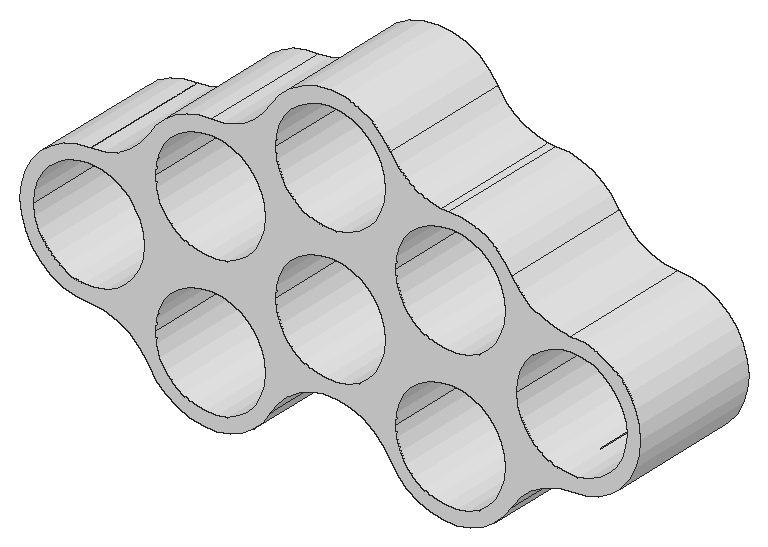
Revit family "Haworth_Cappellini_Cloud_Shelf_EU_PRELIMINARY", category Furniture, Revit 2019
Family settings
  OmniClass Number = 23.40.70.14.64.21.14
  OmniClass Title = Free-Standing Component
  Work Plane-Based = No
  Always vertical = No
  Cut with Voids When Loaded = No
  Shared = No
  Room Calculation Point = No
Parameters (values of type "Cloud Shelf")
  Warranty = "http://www.haworth.com/resources/product-info/warranties"
  Void Offset = 5.08 cm  # constant formula
  URL - Product = "https://www.haworth.com/eu/en/products/cupboards-bookshelves/cloud.html"
  URL = "https://www.haworth.com/eu/en.html"
  Size = "Verify Final Dim. w/ Haworth"  # constant formula
  Shelf Finish [instance] = Haworth _ Polymer _ Snow
  Revision Number = "1"  # constant formula
  Model = "C5_1"  # constant formula
  Manufacturer = "Haworth"  # constant formula
  Description = "Haworth - Cappellini - Cloud - Shelf"  # constant formula
  Author = "Haworth (Hampton, Abd Rahman)"  # constant formula
  Assembly Code = "E2020200"
  Actual Width = 187.325 cm  # constant formula
  Actual Height = 104.775 cm  # constant formula
  Actual Depth = 40.005 cm  # constant formula
Reference planes (cm)
  plane 1 "Back": y = 0
  plane 2: z = 0
  plane 3 "Left": x = 0
  plane 4 "Right": x = 187.325
  plane 5 "Center LR": x = 93.6625
  plane 6 "Front": y = -40.005
  plane 7 "Center FB": y = -20.0025
  plane 8 "Top": z = 104.775
  plane 9 "Void Back": y = 5.08
  plane 10 "Void Front": y = -45.085
Forms (cm)
  Extrusion 1, solid, material "Haworth _ Polymer _ Snow" <- "Shelf Finish"
    sketch origin (0, 0, 0) x (1, 0, 0) y (0, 0, 1)
      loop
        arc (111.5509, 93.2637) -> (93.647, 103.5565) -> (75.7288, 93.2885) r 20.743
        arc (75.7288, 93.2885) -> (68.1823, 85.8607) -> (57.9216, 83.2454) r 20.2932
        arc (57.9216, 83.2454) -> (47.2695, 80.5368) -> (39.423, 72.8404) r 21.1093
        arc (39.423, 72.8404) -> (31.9932, 65.4875) -> (21.8978, 62.7763) r 20.4138
        arc (21.8978, 62.7763) -> (21.8434, 62.7763) -> (21.7889, 62.7765) r 10.16
        arc (21.7889, 62.7765) -> (0.8591, 42.0733) -> (21.6381, 21.2187) r 20.7792
        arc (21.6381, 21.2187) -> (31.7452, 18.4922) -> (39.1391, 11.0815) r 20.2441
        arc (39.1391, 11.0815) -> (46.1143, 3.6955) -> (55.672, 0.2519) r 21.8994
        arc (55.672, 0.2519) -> (67.3694, 2.4465) -> (75.8313, 10.8156) r 20.32
        arc (75.8313, 10.8156) -> (93.6551, 21.4642) -> (111.4785, 10.8148) r 20.2405
        arc (111.4785, 10.8148) -> (119.8559, 2.4897) -> (131.4482, 0.2299) r 20.32
        arc (131.4482, 0.2299) -> (141.1243, 3.6393) -> (148.1859, 11.0815) r 21.8994
        arc (148.1859, 11.0815) -> (155.5798, 18.4922) -> (165.6869, 21.2187) r 20.2441
        arc (165.6869, 21.2187) -> (186.4659, 42.0733) -> (165.5361, 62.7765) r 20.7792
        arc (165.5361, 62.7765) -> (165.4816, 62.7763) -> (165.4272, 62.7763) r 10.16
        arc (165.4272, 62.7763) -> (155.3318, 65.4875) -> (147.902, 72.8404) r 20.4138
        arc (147.902, 72.8404) -> (139.8647, 80.6428) -> (128.9671, 83.2346) r 21.1093
        arc (128.9671, 83.2346) -> (127.6915, 83.2433) -> (126.4211, 83.3586) r 15.24
        arc (126.4211, 83.3586) -> (117.8389, 86.5891) -> (111.5509, 93.2637) r 20.32
    from 0 to 40.005
  Extrusion 2, void
    sketch origin (0, 0, 0) x (1, 0, 0) y (0, 0, 1)
      loop
        circle (93.6819, 82.7084) r 16.51
      loop
        circle (93.6819, 42.1791) r 16.51
      loop
        circle (57.7838, 62.5447) r 16.51
      loop
        circle (57.7838, 20.7703) r 16.51
      loop
        circle (21.4899, 42.1801) r 16.51
      loop
        circle (129.5412, 62.5447) r 16.51
      loop
        circle (129.5412, 20.7703) r 16.51
      loop
        circle (165.8351, 42.1801) r 16.51
    from -5.08 to 45.085
Cuts and joins
  Extrusion 2 cuts Extrusion 1
Lines and regions (cm)
  Masking region 1
    outline origin (0, 0, 0) x (1, 0, 0) y (0, 1, 0)
      loop
        line (0, 0) -> (0, -40.005) -> (187.325, -40.005) -> (187.325, 0) -> (0, 0)
  symbolic lines, detail levels fine
    curve 1: line (5.08, -40.005, 0) -> (5.08, 0, 0)
    curve 2: line (38.1, -40.005, 0) -> (38.1, 0, 0)
    curve 3: line (41.275, -40.005, 0) -> (41.275, 0, 0)
    curve 4: line (74.295, -40.005, 0) -> (74.295, 0, 0)
    curve 5: line (77.47, -40.005, 0) -> (77.47, 0, 0)
    curve 6: line (182.245, -40.005, 0) -> (182.245, 0, 0)
    curve 7: line (149.225, -40.005, 0) -> (149.225, 0, 0)
    curve 8: line (146.05, -40.005, 0) -> (146.05, 0, 0)
    curve 9: line (113.03, -40.005, 0) -> (113.03, 0, 0)
    curve 10: line (109.855, -40.005, 0) -> (109.855, 0, 0)
Dimensions and locks (cm)
  equal spacing: plane 6 "Front", plane 7 "Center FB", plane 1 "Back"
  "Actual Depth": plane 6 "Front" to plane 1 "Back"
  "Actual Height": plane 8 "Top" to level
  equal spacing: plane 3 "Left", plane 5 "Center LR", plane 4 "Right"
  "Actual Width": plane 3 "Left" to plane 4 "Right"
  "Void Offset": plane 1 "Back" to plane 9 "Void Back"
  "Void Offset": plane 10 "Void Front" to plane 6 "Front"
  aligned and locked: plane 6 "Front" to Extrusion 1
  aligned and locked: Extrusion 1 to plane 1 "Back"
  aligned and locked: plane 9 "Void Back" to Extrusion 2
  aligned and locked: plane 10 "Void Front" to Extrusion 2
  aligned and locked: plane 3 "Left" to Masking region 1 sketch curve
  aligned and locked: Masking region 1 sketch curve to plane 4 "Right"
  aligned and locked: plane 1 "Back" to Masking region 1 sketch curve
  aligned and locked: Masking region 1 sketch curve to plane 6 "Front"
  aligned and locked: plane 1 "Back" to curve 1
  aligned and locked: plane 1 "Back" to curve 2
  aligned and locked: plane 1 "Back" to curve 3
  aligned and locked: plane 1 "Back" to curve 4
  aligned and locked: plane 1 "Back" to curve 5
  aligned and locked: plane 1 "Back" to curve 10
  aligned and locked: plane 1 "Back" to curve 9
  aligned and locked: plane 1 "Back" to curve 8
  aligned and locked: plane 1 "Back" to curve 7
  aligned and locked: plane 1 "Back" to cut or joined group of Extrusion 1, Extrusion 2
  aligned and locked: plane 6 "Front" to curve 6
  aligned and locked: plane 6 "Front" to curve 7
  aligned and locked: plane 6 "Front" to cut or joined group of Extrusion 1, Extrusion 2
  aligned and locked: plane 6 "Front" to curve 9
  aligned and locked: plane 6 "Front" to curve 10
  aligned and locked: plane 6 "Front" to curve 5
  aligned and locked: plane 6 "Front" to curve 4
  aligned and locked: plane 6 "Front" to curve 3
  aligned and locked: plane 6 "Front" to curve 2
  aligned and locked: plane 6 "Front" to curve 1
Automatic sketch dimensions
  plane 3 "Left" to Extrusion 2 sketch curve = 21.4899 cm
  Extrusion 2 sketch curve to plane 5 "Center LR" = 35.8787 cm  (x2)
  plane 5 "Center LR" to Extrusion 2 sketch curve = 0.0194 cm  (x2)
  plane 5 "Center LR" to Extrusion 2 sketch curve = 35.8787 cm  (x2)
  Extrusion 2 sketch curve to plane 4 "Right" = 21.4899 cm
  level to Extrusion 2 sketch curve = 20.7703 cm  (x2)
  Extrusion 2 sketch curve to Extrusion 2 sketch curve = 21.4089 cm
  Extrusion 2 sketch curve to Extrusion 2 sketch curve = 21.4099 cm  (x2)
  Extrusion 2 sketch curve to Extrusion 2 sketch curve = 20.3656 cm  (x2)
  Extrusion 2 sketch curve to plane 8 "Top" = 22.0666 cm
  level to Extrusion 1 sketch curve = 0.9747 cm
  plane 3 "Left" to Extrusion 1 sketch curve = 21.5983 cm
  plane 3 "Left" to Extrusion 1 sketch curve = 21.6381 cm
  Extrusion 1 sketch curve to Extrusion 1 sketch curve = 0.1509 cm
  Extrusion 1 sketch curve to Extrusion 1 sketch curve = 0 cm  (x14)
  Extrusion 1 sketch curve to Extrusion 1 sketch curve = 0.0383 cm
  Extrusion 1 sketch curve to Extrusion 1 sketch curve = 0.0738 cm
  Extrusion 1 sketch curve to Extrusion 1 sketch curve = 0.1089 cm  (x2)
  level to Extrusion 1 sketch curve = 11.0815 cm
  Extrusion 1 sketch curve to Extrusion 1 sketch curve = 17.501 cm  (x2)
  Extrusion 1 sketch curve to Extrusion 1 sketch curve = 17.5603 cm
  level to Extrusion 1 sketch curve = 0.2519 cm
  Extrusion 1 sketch curve to Extrusion 1 sketch curve = 16.5329 cm
  Extrusion 1 sketch curve to Extrusion 1 sketch curve = 18.1953 cm  (x2)
  Extrusion 1 sketch curve to Extrusion 1 sketch curve = 0.3034 cm
  Extrusion 1 sketch curve to Extrusion 1 sketch curve = 0.1761 cm
  Extrusion 1 sketch curve to plane 8 "Top" = 1.2385 cm
  Extrusion 1 sketch curve to Extrusion 1 sketch curve = 0.2916 cm
  Extrusion 1 sketch curve to plane 5 "Center LR" = 17.9337 cm
  level to Extrusion 1 sketch curve = 10.8156 cm
  Extrusion 1 sketch curve to plane 5 "Center LR" = 17.8312 cm
  Extrusion 1 sketch curve to plane 5 "Center LR" = 0.0299 cm
  Extrusion 1 sketch curve to plane 5 "Center LR" = 0.0078 cm
  level to Extrusion 1 sketch curve = 10.8148 cm
  plane 5 "Center LR" to Extrusion 1 sketch curve = 17.816 cm
  plane 5 "Center LR" to Extrusion 1 sketch curve = 17.8884 cm
  Extrusion 1 sketch curve to Extrusion 1 sketch curve = 14.8702 cm
  Extrusion 1 sketch curve to plane 8 "Top" = 6.3098 cm
  Extrusion 1 sketch curve to Extrusion 1 sketch curve = 2.012 cm
  Extrusion 1 sketch curve to Extrusion 1 sketch curve = 2.546 cm
  Extrusion 1 sketch curve to Extrusion 1 sketch curve = 17.7325 cm
  Extrusion 1 sketch curve to Extrusion 1 sketch curve = 0.1613 cm
  Extrusion 1 sketch curve to Extrusion 1 sketch curve = 0.7396 cm
  level to Extrusion 1 sketch curve = 0.2299 cm
  Extrusion 1 sketch curve to Extrusion 1 sketch curve = 2.0758 cm
  Extrusion 1 sketch curve to Extrusion 1 sketch curve = 16.7377 cm
  Extrusion 1 sketch curve to Extrusion 1 sketch curve = 17.5251 cm
  Extrusion 1 sketch curve to Extrusion 1 sketch curve = 0.0351 cm
  Extrusion 1 sketch curve to Extrusion 1 sketch curve = 0.0354 cm
  plane 6 "Front" to curve 8 = 0 cm
  plane 1 "Back" to curve 6 = 0 cm
  curve 7 to curve 6 = 33.02 cm
  curve 8 to curve 7 = 3.175 cm
  plane 5 "Center LR" to curve 9 = 19.3675 cm
  curve 10 to curve 9 = 3.175 cm
  curve 5 to plane 5 "Center LR" = 16.1925 cm
  curve 4 to curve 5 = 3.175 cm
  curve 3 to curve 4 = 33.02 cm
  curve 2 to curve 3 = 3.175 cm
  plane 3 "Left" to curve 1 = 5.08 cm
  curve 9 to curve 8 = 33.02 cm
  radius of Extrusion 2 sketch curve = 16.51 cm  (x8)
